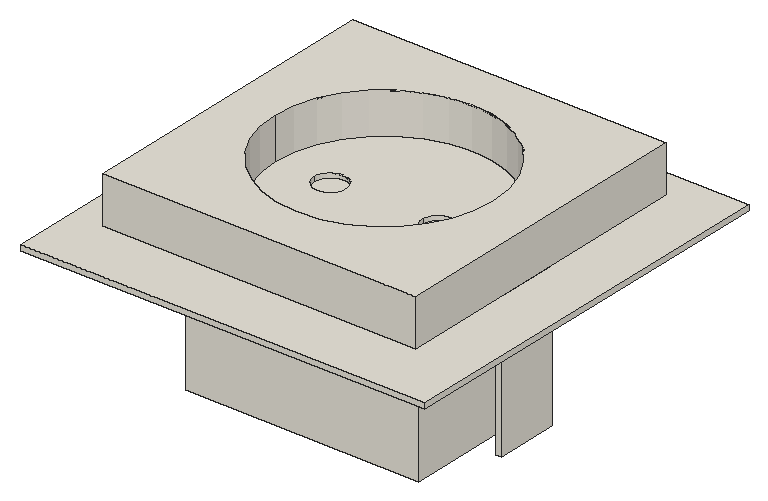
Revit family "Gira_045401", category Electrical Fixtures, host Face, Revit 2017
Family settings
  Host = Face
  Maintain Annotation Orientation = Yes
  Round Connector Dimension = Use Diameter
  Part Type = Normal
  Cut with Voids When Loaded = No
  Shared = No
  Room Calculation Point = No
Parameters (values of type "SCHUKO HC System 55 cr.white")
  URL = "http://katalog.gira.de/en/datenblatt.html?artikelnr=045401"
  Transparent = "No"
  Name = "SCHUKO HC System 55 cr.white"
  Model = "Protective contact (SCHUKO)"
  Manufacturer URL = "https://www.gira.de/"
  Manufacturer = "Gira"
  HeinzeBIM = "https://bimportal.heinze.de/bim/schuko-hc-system-55-cr-white/81f6e8193bb7e9539d815a8831d2670d6c769cd9"
  HAN = "045401"
  GTIN = "4010337454014"
  Description = "SCHUKO HC Sys55 CW,SCHUKO socket outlet 16 A 250 V~ with hinged cover,,cream white glossy,Notes :,- In conjunction with the seal set and frame, 1-gang to 5-gang from the Standard 55 and Gira E2 design lines, flush-mounted SCHUKO socket outlets with hinged covers can be installed water-protected in accordance with IP44."
  Default Elevation = 1219.2 mm
  Data sheet (1) = "https://katalog.gira.de/en/download.html?artikelnr=045401"
  Cremeweiß glänzend = Cremeweiß glänzend
  Category = "Socket outlet"
  BIM (1) = "https://media.stage.bim.site/public/gira/36a6b08/SYS55_Steckdose.rfa"
  Available = "No"
Reference planes
  plane 1 "Center (Front/Back)": y = 0
  plane 2 "Reference Level 0": z = 0
  plane 3 "Center (Left/Right)": x = 0
  plane 4: x = 9.5
  plane 5: x = -9.5
  plane 6: x = 9.5
  plane 7: x = -9.5
  plane 8: x = 9.5
  plane 9: x = -9.5
  plane 10: x = 17.5
  plane 11 "Reference Level 1": z = 8.2
Forms (mm)
  Extrusion 1, solid, material "Cremeweiß glänzend" <- "Cremeweiß glänzend", detail levels coarse
    sketch origin (0, 0, 0) x (1, 0, 0) y (0, 1, 0)
      loop
        line (-35.5, 35.5) -> (-35.5, -35.5) -> (35.5, -35.5) -> (35.5, 35.5) -> (-35.5, 35.5)
    from -27.5 to 8.2
  Extrusion 2, solid, material "Cremeweiß glänzend" <- "Cremeweiß glänzend", detail levels medium+fine
    sketch origin (0, 0, 0) x (1, 0, 0) y (0, 1, 0)
      loop
        line (-35.5, 35.5) -> (-35.5, -35.5) -> (35.5, -35.5) -> (35.5, 35.5) -> (-35.5, 35.5)
    from -2.2 to -3.2
  Extrusion 3, solid, material "Cremeweiß glänzend" <- "Cremeweiß glänzend", detail levels medium+fine
    sketch origin (0, 0, 0) x (1, 0, 0) y (0, 1, 0)
      loop
        line (-27.5, 27.5) -> (-27.5, -27.5) -> (27.5, -27.5) -> (27.5, 27.5) -> (-27.5, 27.5)
      loop
        circle (0, 0) r 19.2
    from 0 to 8.2
  Extrusion 4, solid, material "Cremeweiß glänzend" <- "Cremeweiß glänzend", detail levels fine
    sketch origin (0, 0, 0) x (1, 0, 0) y (0, 1, 0)
      loop
        circle (0, 0) r 19.2
      loop
        circle (9.5, 0) r 2.8
      loop
        circle (-9.5, 0) r 2.8
    from 0 to 1
  Extrusion 5, solid, material "Cremeweiß glänzend" <- "Cremeweiß glänzend", detail levels fine
    sketch origin (0, 0, 0) x (1, 0, 0) y (0, 1, 0)
      loop
        circle (-9.5, 0) r 2.8
      loop
        circle (9.5, 0) r 2.8
    from -2.2 to 0.3
  Extrusion 6, solid, material "Cremeweiß glänzend" <- "Cremeweiß glänzend", detail levels medium
    sketch origin (0, 0, 0) x (1, 0, 0) y (0, 1, 0)
      loop
        circle (0, 0) r 19.2
      loop
        circle (9.5, 0) r 2.8
      loop
        circle (-9.5, 0) r 2.8
    from 7.2 to 8.2
  Extrusion 7, solid, material "Cremeweiß glänzend" <- "Cremeweiß glänzend", detail levels medium
    sketch origin (0, 0, 0) x (1, 0, 0) y (0, 1, 0)
      loop
        circle (-9.5, 0) r 2.8
      loop
        circle (9.5, 0) r 2.8
    from 7.2 to 8.2
  Extrusion 8, solid, material "Cremeweiß glänzend" <- "Cremeweiß glänzend", detail levels medium+fine
    sketch origin (0, 0, 0) x (1, 0, 0) y (0, 1, 0)
      loop
        line (-20.5, 9) -> (-20.5, -18) -> (20.5, -18) -> (20.5, 9) -> (17.5, 9) -> (3, 21) -> (3, 24) -> (-3, 24) -> (-3, 21) -> (-17.5, 9) -> (-20.5, 9)
    from 0 to -27.5
  Extrusion 9, solid, material "Cremeweiß glänzend" <- "Cremeweiß glänzend", detail levels medium+fine
    sketch origin (0, 0, 0) x (1, 0, 0) y (0, 1, 0)
      loop
        line (-25, 5.5) -> (-25, -5.5) -> (-24, -5.5) -> (-24, 5.5) -> (-25, 5.5)
    from 0 to -27.5
  Extrusion 10, solid, material "Cremeweiß glänzend" <- "Cremeweiß glänzend", detail levels medium+fine
    sketch origin (0, 0, 0) x (-1, 0, 0) y (0, -1, 0)
      loop
        line (-25, 5.5) -> (-25, -5.5) -> (-24, -5.5) -> (-24, 5.5) -> (-25, 5.5)
    from 0 to -27.5
Dimensions and locks
  aligned and locked: plane 2 "Reference Level 0" to host face
  aligned and locked: level to host face
  aligned and locked: plane 3 "Center (Left/Right)" to nested 1
  aligned and locked: plane 1 "Center (Front/Back)" to nested 1
Nested families
  nested 1: "Steckdose 1-fach Beschriftung" at (0, 0, 0), type "Steckdose 1-fach Beschriftung"
Connectors
  electrical at (0, 9, -27.5)
    settings: on Extrusion 8, index 1, voltage 220 V, apparent load 0 VA, apparent load phase1 0 VA, apparent load phase2 0 VA, apparent load phase3 0 VA, power factor 1, load classification "Other", number of poles 1, system type 31, power factor state 1, is connector primary yes, connector utility no, sub classification motor no, connector description ""
Definition of nested family "Steckdose 1-fach Beschriftung"
  Reference planes
    plane 1: y = 0
    plane 2: x = 0
  Lines and regions (mm)
    detail lines
      curve 1: line (0, 0, 0) -> (0, 2, 0)
      curve 3: line (0, 2, 0) -> (-1, 2, 0)
      curve 4: arc (1, 3, 0) -> (0, 2, 0) -> (-1, 3, 0) r 1
      curve 5: line (0, 2, 0) -> (1, 2, 0)
    reference lines
      curve 2: line (-0.485, 3, 0) -> (2.315, 3, 0)
  Dimensions and locks
    curve 1 to curve 1 = 2 mm
    plane 1 to curve 2 = 3 mm
    curve 3 to curve 3 = 1 mm
